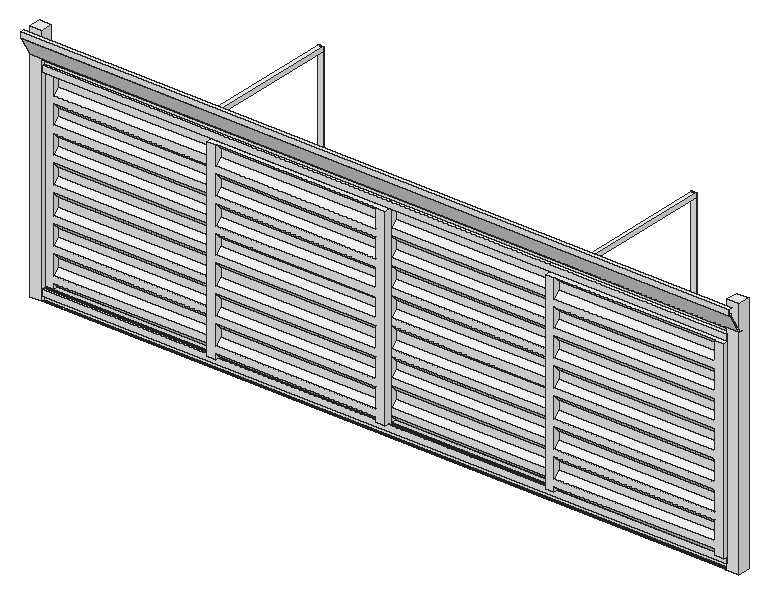
Revit family "Specialty_Equipment-Roof_Screen-Cityscapes-Envisor-bk1", category Specialty Equipment, Revit 2023
Family settings
  Round Connector Dimension = Use Diameter
  Part Type = Normal
  OmniClass Number = 23.40.10.14.14
  OmniClass Title = Manufactured Exterior Specialties
  Enable Cutting in Views = No
  Cut with Voids When Loaded = No
  Maintain Annotation Orientation = No
  Shared = No
  Room Calculation Point = No
Parameters (values of type "default use type catalog")
  URL = "https://cityscapesinc.com"
  Type Comments = "ACRYLICAP ABS INFILLS"  # constant formula
  Model = if(CD_Panel 7.2 Rib, "Envisor with 7.2 Rib Panels", if(CD_Panel Batten, "Envisor with Batten Panels", if(CD_Panel Brick, "Envisor with Brick Panels", if(CD_Panel Flat, "Envisor with Flat Panels", if(CD_Panel Horizontal Rib, "Envisor with Horizontal Panels", if(CD_Panel Louver, "Envisor with Louver Panels", if(CD_Panel Vertical Rib, "Envisor with Vertical Rib Panels", "Envisor System")))))))  # "Envisor with 7.2 Rib Panels"
  Manufacturer = "Cityscapes Incorporated"  # constant formula
  built-in parameter 1001306 [instance] = 188.000"
  Description = "Envisor Screening Systems"  # constant formula
  Default Elevation = 0.000"
  CD_Trim Style = Cityscapes-Trims : Alamo Trim
  CD_Trim Lineal Band = Cityscapes-Trims : Lineal Band Trim
  CD_Trim Height [instance] = if(CD_Trim Style = CD_Trim 2 Step, 5.500", if(CD_Trim Style = CD_Trim 3 Step, 8.000", if(CD_Trim Style = CD_Trim Alamo, 6.500", if(CD_Trim Style = CD_Trim Cove, 6.500", 0.000"))))  # 6.500"
  CD_Trim Cove = Cityscapes-Trims : Cove Trim
  CD_Trim Alamo = Cityscapes-Trims : Alamo Trim
  CD_Trim 3 Step = Cityscapes-Trims : 3 Step Trim
  CD_Trim 2 Step = Cityscapes-Trims : 2 Step Trim
  CD_Support Offset = 40.063"  # constant formula
  CD_Support Number Array [instance] = if(CD_Number of Supports > 2, CD_Number of Supports, 2)  # 2
  CD_Support Height = CD_Panel Height + 2.520"  # 54.520"
  CD_Right Trim Offset [instance] = if(and(CD_Right Corner, CD_Trim Style = CD_Trim 2 Step), 4.386", if(and(CD_Right Corner, CD_Trim Style = CD_Trim 3 Step), 5.136", if(and(CD_Right Corner, CD_Trim Style = CD_Trim Alamo), 6.101", if(and(CD_Right Corner, CD_Trim Style = CD_Trim Cove), 6.851", if(and(CD_Right Corner, CD_Trim Style = CD_Trim Lineal Band), 3.636", 2.950")))))  # 2.950"
  CD_Right Track Offset [instance] = if(CD_Right Corner, 3.000", 0.000")  # 0.000"
  CD_Right Post Offset [instance] = if(or(CD_Right Corner, CD_Left Corner), CD_Trim Height, 0.000")  # 0.000"
  CD_Right Post Base Offset [instance] = if(CD_Right Corner, 2.855", 0.000")  # 0.000"
  CD_Right Corner [instance] = no
  CD_Requested Length [instance] = [built-in parameter 1001306]  # 188.000"
  CD_Product Page URL = "https://cityscapesinc.com/products/envisor"
  CD_Product Documentation Link = "https://9415688.fs1.hubspotusercontent-na1.net/hubfs/9415688/Envisor-Brochure-web-20220428.pdf"
  CD_Panel Vertical Rib = no
  CD_Panel Louver = no
  CD_Panel Horizontal Rib = no
  CD_Panel Flat = no
  CD_Panel Brick = no
  CD_Panel Batten = no
  CD_Panel 7.2 Rib = yes
  CD_Panel Spacing [instance] = (((CD_Number of Panels * 45.000") - ((CD_Number of Panels - 1) * 3.000"))) / CD_Number of Panels  # 42.750"
  CD_Panel Height = if([18in Panel Height], 18.000", if([35in Panel Height], 35.000", if([52in Panel Height], 52.000", 70.000")))  # 52.000"
  CD_Odd Panel Single Vis [instance] = CD_Number of Odd Panels = 1  # no
  CD_Odd Panel Array Vis [instance] = CD_Number of Odd Panels > 1  # yes
  CD_Number of Supports [instance] = if(CD_Length < 135.000", 2, (CD_Length / 45.000") - 3)  # 1
  CD_Number of Panels [instance] = rounddown(CD_Requested Length / 45.000")  # 4
  CD_Number of Odd Panels [instance] = (CD_Number of Panels / 2)  # 2
  CD_Number of Even Panels [instance] = CD_Number of Panels - CD_Number of Odd Panels  # 2
  CD_Microsite = "https://www.caddetails.com/2907"
  CD_Length [instance] = (CD_Number of Panels * 45.000") - ((CD_Number of Panels - 1) * 3.000") + CD_Calc  # 173.250"
  CD_Left Trim Offset [instance] = if(and(CD_Left Corner, CD_Trim Style = CD_Trim 2 Step), 4.386", if(and(CD_Left Corner, CD_Trim Style = CD_Trim 3 Step), 5.136", if(and(CD_Left Corner, CD_Trim Style = CD_Trim Alamo), 6.101", if(and(CD_Left Corner, CD_Trim Style = CD_Trim Cove), 6.851", if(and(CD_Left Corner, CD_Trim Style = CD_Trim Lineal Band), 3.636", 2.950")))))  # 2.950"
  CD_Left Track Offset [instance] = if(CD_Left Corner, 3.000", 0.000")  # 0.000"
  CD_Left Post Offset [instance] = if(or(CD_Right Corner, CD_Left Corner), CD_Trim Height, 0.000")  # 0.000"
  CD_Left Post Base Offset [instance] = if(CD_Left Corner, 2.855", 0.000")  # 0.000"
  CD_Left Corner [instance] = no
  CD_Height [instance] = CD_Panel Height + CD_Trim Height + CD_Curb Height + 2.773"  # 73.273"
  CD_Finish Trim = Plastic-Cityscapes-ABS-Alabaster
  CD_Finish = Plastic-Cityscapes-ABS-Alabaster
  CD_Even Panel Single Vis [instance] = CD_Number of Even Panels = 1  # no
  CD_Even Panel Array Vis [instance] = CD_Number of Even Panels > 1  # yes
  CD_Depth = 3.60156"  # constant formula
  CD_Curb Height = 12.000"
  CD_Created By = "CADdetails Ltd. 2024"  # constant formula
  CD_Corner Brace Offset = CD_Curb Height + 0.125"  # 12.125"
  CD_Connection Point Visibility [instance] = yes
  CD_Calc [instance] = ((CD_Number of Panels - 1) * 3.000") / CD_Number of Panels  # 2.250"
  CD_Acutal Number of Odd Panels [instance] = if(CD_Number of Odd Panels > 1, CD_Number of Odd Panels, 2)  # 2
  CD_Acutal Number of Even Panels [instance] = if(CD_Number of Even Panels > 1, CD_Number of Even Panels, 2)  # 2
  Assembly Code = "E1010900"
  70in Panel Height = no
  52in Panel Height = not(or([35in Panel Height], [18in Panel Height], [70in Panel Height]))  # yes
  35in Panel Height = no
  18in Panel Height = no
Reference planes (in)
  plane 1 "Center (Front/Back)": y = 0
  plane 2 "Bottom": z = 0
  plane 3 "Left": x = 0
  plane 4 "Right": x = 188
  plane 5 "Back": y = 1.80078
  plane 6 "Front": y = -1.80078
  plane 7 "Top Sweep": z = 66.773
  plane 8 "Requested Length": x = 173.25
  plane 9 "Bottom Sweep": z = 12
  plane 10 "Top": z = 73.273
  plane 11 "Bottom Panel": z = 13.38504
  plane 12 "Top Panel": z = 65.38796
  plane 13: y = 1.46953
  plane 14: y = -0.63047
  plane 15: x = 42.75
  plane 16: x = 85.5
  plane 17: x = 128.25
  plane 18 "Top2": x = 173.25
  plane 19 "Top3": x = 0
  plane 20: x = 40.063
  plane 21: x = 133.187
  plane 22: y = -0.36386
  plane 23 "Top6": z = 12.12504
  plane 24 "Top12": x = 176.2
  plane 25 "Top13": x = -2.95
Forms (in)
  Sweep 1, solid, material "Plastic-Cityscapes-ABS-Alabaster" <- "CD_Finish"
    path origin (0, 0, 12) x (-1, 0, 0) y (0, -1, 0)
      loop
        line (0, 0) -> (-173.25, 0)
    profile origin (86.625, 0, 12) x (0, 1, 0) y (0, 0, 1)
      loop
        line (1.80078, 2.88504) -> (1.50129, 2.88504) -> (1.50129, 2.76027) -> (1.67578, 2.76027) -> (1.67578, 1.38504) -> (1.07578, 1.38504) -> (1.07578, 2.76027) -> (1.25027, 2.76027) -> (1.25027, 2.88504) -> (0.95078, 2.88504) -> (0.95078, 2.10004) -> (0.76328, 2.10004) -> (0.76328, 2.01004) -> (0.95078, 2.01004) -> (0.95078, 1.89004) -> (0.76328, 1.89004) -> (0.76328, 1.80004) -> (0.95078, 1.80004) -> (0.95078, 1.38504) -> (0.47579, 1.38504) -> (0.47579, 1.44753) -> (0.38579, 1.44753) -> (0.38579, 1.38504) -> (0.26581, 1.38504) -> (0.26581, 1.44753) -> (0.17581, 1.44753) -> (0.17581, 1.38504) -> (-0.29922, 1.38504) -> (-0.29922, 1.80004) -> (-0.11172, 1.80004) -> (-0.11172, 1.89004) -> (-0.29922, 1.89004) -> (-0.29922, 2.01004) -> (-0.11172, 2.01004) -> (-0.11172, 2.10004) -> (-0.29922, 2.10004) -> (-0.29922, 2.88504) -> (-0.5987, 2.88504) -> (-0.5987, 2.76027) -> (-0.42422, 2.76027) -> (-0.42422, 1.38504) -> (-1.02421, 1.38504) -> (-1.02421, 2.76027) -> (-0.84973, 2.76027) -> (-0.84973, 2.88504) -> (-1.14922, 2.88504) -> (-1.14922, 1.26004) -> (-0.48886, 1.26004) -> (-0.48886, 0.095) -> (-1.03586, 0.095) -> (-1.03586, 0.03937) -> (-1.09886, 0.03937) -> (-1.09886, 0) -> (-0.17511, 0) -> (-0.17511, -0.07) -> (-0.26886, -0.07) -> (-0.26886, -0.133) -> (-0.11211, -0.133) -> (-0.11211, 0) -> (0.76328, 0) -> (0.76328, 0.12504) -> (-0.36386, 0.12504) -> (-0.36386, 1.26004) -> (1.80078, 1.26004) -> (1.80078, 2.88504)
  Sweep 2, solid, material "Plastic-Cityscapes-ABS-Alabaster" <- "CD_Finish"
    path origin (0, 0, 66.773) x (-1, 0, 0) y (0, -1, 0)
      loop
        line (0, 0) -> (-173.25, 0)
    profile origin (86.625, 0, 66.773) x (0, 1, 0) y (0, 0, 1)
      loop
        line (1.80078, -2.88504) -> (1.80078, -1.26004) -> (-0.36386, -1.26004) -> (-0.36386, -0.12504) -> (0.76328, -0.12504) -> (0.76328, 0) -> (-0.11211, 0) -> (-0.11211, 0.133) -> (-0.26886, 0.133) -> (-0.26886, 0.07) -> (-0.17511, 0.07) -> (-0.17511, 0) -> (-1.09886, 0) -> (-1.09886, -0.03937) -> (-1.03586, -0.03937) -> (-1.03586, -0.095) -> (-0.48886, -0.095) -> (-0.48886, -1.26004) -> (-1.14922, -1.26004) -> (-1.14922, -2.88504) -> (-0.84973, -2.88504) -> (-0.84973, -2.76027) -> (-1.02421, -2.76027) -> (-1.02421, -1.38504) -> (-0.42422, -1.38504) -> (-0.42422, -2.76027) -> (-0.5987, -2.76027) -> (-0.5987, -2.88504) -> (-0.29922, -2.88504) -> (-0.29922, -2.10004) -> (-0.11172, -2.10004) -> (-0.11172, -2.01004) -> (-0.29922, -2.01004) -> (-0.29922, -1.89004) -> (-0.11172, -1.89004) -> (-0.11172, -1.80004) -> (-0.29922, -1.80004) -> (-0.29922, -1.38504) -> (0.17581, -1.38504) -> (0.17581, -1.44753) -> (0.26581, -1.44753) -> (0.26581, -1.38504) -> (0.38579, -1.38504) -> (0.38579, -1.44753) -> (0.47579, -1.44753) -> (0.47579, -1.38504) -> (0.95078, -1.38504) -> (0.95078, -1.80004) -> (0.76328, -1.80004) -> (0.76328, -1.89004) -> (0.95078, -1.89004) -> (0.95078, -2.01004) -> (0.76328, -2.01004) -> (0.76328, -2.10004) -> (0.95078, -2.10004) -> (0.95078, -2.88504) -> (1.25027, -2.88504) -> (1.25027, -2.76027) -> (1.07578, -2.76027) -> (1.07578, -1.38504) -> (1.67578, -1.38504) -> (1.67578, -2.76027) -> (1.50129, -2.76027) -> (1.50129, -2.88504) -> (1.80078, -2.88504)
  Extrusion 3, void
    sketch origin (0, 0, 0) x (1, 0, 0) y (0, 1, 0)
      loop
        line (0, 1.80078) -> (-5.12652, 1.80078) -> (-5.12652, -3.32574) -> (0, 1.80078)
      loop
        line (173.25, 1.80078) -> (178.37652, -3.32574) -> (178.37652, 1.80078) -> (173.25, 1.80078)
    from 0 to 74.93402
  Extrusion 4, solid, material "Plastic-Cityscapes-ABS-Alabaster" <- "CD_Finish"
    sketch origin (0, 0, 0) x (1, 0, 0) y (0, 1, 0)
      loop
        line (173.25, -1.14922) -> (176.2, -1.14922) -> (176.2, 1.80078) -> (173.25, 1.80078) -> (173.25, -1.14922)
    from 12 to 73.273
  Extrusion 5, solid, material "Plastic-Cityscapes-ABS-Alabaster" <- "CD_Finish"
    sketch origin (0, 0, 66.773) x (-1, 0, 0) y (0, -1, 0)
      loop
        line (0, 1.14922) -> (0, -1.80078) -> (2.95, -1.80078) -> (2.95, 1.14922) -> (0, 1.14922)
    from -54.773 to 6.5
Cuts and joins
  Extrusion 3 cuts Sweep 1
  Extrusion 3 cuts Sweep 2
Lines and regions (in)
  Masking region 1, visible <- "CD_Connection Point Visibility"
    outline origin (0, 0, 0) x (1, 0, 0) y (0, 1, 0)
      loop
        line (173.25, 1.80078) -> (175.67405, 6.17388) -> (170.82595, 6.17388) -> (173.25, 1.80078)
      loop
        line (0, 1.80078) -> (2.42405, 6.17388) -> (-2.42405, 6.17388) -> (0, 1.80078)
  reference lines
    curve 1: line (0, 0, 0) -> (188, 0, 0)
Dimensions and locks (in)
  "built-in parameter 1001306": plane 3 "Left" to plane 4 "Right"
  equal spacing: plane 6 "Front", plane 1 "Center (Front/Back)", plane 5 "Back"
  "CD_Depth": plane 6 "Front" to plane 5 "Back"
  "CD_Height": plane 10 "Top" to level
  "CD_Length": plane 3 "Left" to plane 8 "Requested Length"
  Sweep 1 sketch curve to Sweep 1 sketch curve to Sweep 1 sketch curve to Sweep 1 sketch curve to Sweep 1 sketch curve to Sweep 1 sketch curve to Sweep 1 sketch curve to Sweep 1 sketch curve to Sweep 1 sketch curve to Sweep 1 sketch curve to Sweep 1 sketch curve to Sweep 1 sketch curve to Sweep 1 sketch curve to Sweep 1 sketch curve to Sweep 1 sketch curve to profile plane to Sweep 1 sketch curve to Sweep 1 sketch curve to Sweep 1 sketch curve to Sweep 1 sketch curve to Sweep 1 sketch curve to Sweep 1 sketch curve to Sweep 1 sketch curve to Sweep 1 sketch curve to Sweep 1 sketch curve to Sweep 1 sketch curve to Sweep 1 sketch curve to Sweep 1 sketch curve to Sweep 1 sketch curve to Sweep 1 sketch curve to Sweep 1 sketch curve to Sweep 1 sketch curve to Sweep 1 sketch curve = 0.125" locked, 0.17449" locked, 0.25102" locked, 0.17449" locked, 0.125" locked, 0.000" locked, 0.000" locked, 0.1875" locked, 0.000" locked, 0.000" locked, 0.28749" locked, 0.090" locked, 0.11998" locked, 0.090" locked, 0.17581" locked, 0.11172" locked, 0.000" locked, 0.0004" locked, 0.063" locked, 0.09375" locked, 0.03035" locked, 0.000" locked, 0.000" locked, 0.06465" locked, 0.06035" locked, 0.06465" locked, 0.10984" locked, 0.25102" locked, 0.17449" locked, 0.01165" locked, 0.063" locked, 0.05036" locked
  Sweep 1 sketch curve to Sweep 1 sketch curve to Sweep 1 sketch curve to Sweep 1 sketch curve to Sweep 1 sketch curve to Sweep 1 sketch curve to Sweep 1 sketch curve to Sweep 1 sketch curve to Sweep 1 sketch curve to Sweep 1 sketch curve to Sweep 1 sketch curve to Sweep 1 sketch curve to Sweep 1 sketch curve to Sweep 1 sketch curve to Sweep 1 sketch curve to Sweep 1 sketch curve to Sweep 1 sketch curve to Sweep 1 sketch curve to Sweep 1 sketch curve to Sweep 1 sketch curve to Sweep 1 sketch curve to Sweep 1 sketch curve to Sweep 1 sketch curve to Sweep 1 sketch curve to Sweep 1 sketch curve to Sweep 1 sketch curve to Sweep 1 sketch curve to Sweep 1 sketch curve to profile plane to Sweep 1 sketch curve to Sweep 1 sketch curve to Sweep 1 sketch curve to Sweep 1 sketch curve = 0.000" locked, 0.000" locked, 0.000" locked, 0.12477" locked, 0.000" locked, 0.000" locked, 0.000" locked, 0.66023" locked, 0.000" locked, 0.090" locked, 0.000" locked, 0.120" locked, 0.000" locked, 0.090" locked, 0.000" locked, 0.35251" locked, 0.000" locked, 0.06249" locked, 0.000" locked, 0.000" locked, 0.000" locked, 0.000" locked, 0.125" locked, 0.000" locked, 1.135" locked, 0.03004" locked, 0.05563" locked, 0.03937" locked, 0.000" locked, 0.000" locked, 0.070" locked, 0.063" locked
  Sweep 2 sketch curve to Sweep 2 sketch curve to profile plane to Sweep 2 sketch curve to Sweep 2 sketch curve to Sweep 2 sketch curve to Sweep 2 sketch curve to Sweep 2 sketch curve to Sweep 2 sketch curve to Sweep 2 sketch curve to Sweep 2 sketch curve to Sweep 2 sketch curve to Sweep 2 sketch curve to Sweep 2 sketch curve to Sweep 2 sketch curve to Sweep 2 sketch curve to Sweep 2 sketch curve to Sweep 2 sketch curve to Sweep 2 sketch curve to Sweep 2 sketch curve to Sweep 2 sketch curve to Sweep 2 sketch curve to Sweep 2 sketch curve to Sweep 2 sketch curve to Sweep 2 sketch curve to Sweep 2 sketch curve to Sweep 2 sketch curve to Sweep 2 sketch curve to Sweep 2 sketch curve to Sweep 2 sketch curve to Sweep 2 sketch curve to Sweep 2 sketch curve to Sweep 2 sketch curve = 0.063" locked, 0.070", 0.000", 0.000" locked, 0.03937" locked, 0.05563" locked, 0.03004" locked, 1.135" locked, 0.000" locked, 0.125" locked, 0.000" locked, 0.000" locked, 0.000" locked, 0.000" locked, 0.06249" locked, 0.000" locked, 0.35251" locked, 0.000" locked, 0.090" locked, 0.000" locked, 0.120" locked, 0.000" locked, 0.090" locked, 0.000" locked, 0.66023" locked, 0.000" locked, 0.000" locked, 0.000" locked, 0.12477" locked, 0.000" locked, 0.000" locked, 0.000" locked
  Sweep 2 sketch curve to Sweep 2 sketch curve to Sweep 2 sketch curve to Sweep 2 sketch curve to Sweep 2 sketch curve to Sweep 2 sketch curve to Sweep 2 sketch curve to Sweep 2 sketch curve to Sweep 2 sketch curve to Sweep 2 sketch curve to Sweep 2 sketch curve to Sweep 2 sketch curve to Sweep 2 sketch curve to Sweep 2 sketch curve to Sweep 2 sketch curve to profile plane to Sweep 2 sketch curve to Sweep 2 sketch curve to Sweep 2 sketch curve to Sweep 2 sketch curve to Sweep 2 sketch curve to Sweep 2 sketch curve to Sweep 2 sketch curve to Sweep 2 sketch curve to Sweep 2 sketch curve to Sweep 2 sketch curve to Sweep 2 sketch curve to Sweep 2 sketch curve to Sweep 2 sketch curve to Sweep 2 sketch curve to Sweep 2 sketch curve to Sweep 2 sketch curve to Sweep 2 sketch curve = 0.125" locked, 0.17449" locked, 0.25102" locked, 0.17449" locked, 0.125" locked, 0.000" locked, 0.000" locked, 0.1875" locked, 0.000" locked, 0.000" locked, 0.28749" locked, 0.090" locked, 0.11998" locked, 0.090" locked, 0.17581" locked, 0.11172" locked, 0.000" locked, 0.0004" locked, 0.063" locked, 0.09375" locked, 0.03035" locked, 0.000" locked, 0.000" locked, 0.06465" locked, 0.06035" locked, 0.06465" locked, 0.10984" locked, 0.25102" locked, 0.17449" locked, 0.01165" locked, 0.063" locked, 0.05036" locked
  level to plane 9 "Bottom Sweep" = 12.000"
  "CD_Trim Height": plane 10 "Top" to plane 7 "Top Sweep"
  "CD_Curb Height": plane 9 "Bottom Sweep" to level
  locked: plane 11 "Bottom Panel" to plane 9 "Bottom Sweep" at 1.38504
  locked: plane 7 "Top Sweep" to plane 12 "Top Panel" at 1.38504
  group 1 to group 2 = 85.500"
  group 1 to group 2 = 0.000"  (x2)
  group 3 to group 4 = 85.500"
  group 3 to group 4 = 0.000"  (x2)
  "CD_Panel Spacing": plane 3 "Left" to plane 15
  "CD_Panel Spacing": plane 15 to plane 16
  "CD_Panel Spacing": plane 16 to plane 17
  "CD_Left Track Offset": plane 19 "Top3" to plane 3 "Left"
  "CD_Right Track Offset": plane 8 "Requested Length" to plane 18 "Top2"
  Extrusion 3 sketch curve to plane 3 "Left" to Extrusion 3 sketch curve = 5.12652" locked, 0.000" locked
  locked: Extrusion 3 sketch curve to plane 5 "Back" at 5.12652  (x2)
  plane 8 "Requested Length" to Extrusion 3 sketch curve to Extrusion 3 sketch curve = 0.000" locked, 5.12652" locked
  locked: Extrusion 3 to plane 10 "Top" at 1.66102
  "CD_Right Post Base Offset": Extrusion 4 to plane 9 "Bottom Sweep"
  "CD_Right Post Offset": plane 10 "Top" to Extrusion 4
  locked: plane 8 "Requested Length" to Extrusion 4 sketch curve at 2.95
  locked: Extrusion 4 sketch curve to plane 5 "Back" at 2.95
  group 5 to group 6 = 94.249"
  group 5 to group 6 = 0.000"  (x2)
  locked: plane 1 "Center (Front/Back)" to plane 22 at 0.36386
  locked: plane 9 "Bottom Sweep" to plane 23 "Top6" at 0.12504
  "CD_Support Offset": plane 21 to plane 18 "Top2"
  "CD_Support Offset": plane 19 "Top3" to plane 20
  nested 8 to plane 18 "Top2" = 40.063"
  locked: nested 9 to plane 13 at 0.39654
  locked: plane 8 "Requested Length" to nested 9 at 0.61084
  nested 10 to plane 13 = 36.23459"
  nested 10 to plane 3 "Left" = 36.8182"
  locked: plane 5 "Back" to nested 10 at 0.06529
  locked: nested 10 to plane 3 "Left" at 0.59765
  Masking region 1 sketch curve to plane 8 "Requested Length" to Masking region 1 sketch curve to Masking region 1 sketch curve = 2.42405" locked, 0.000" locked, 2.42405" locked
  Masking region 1 sketch curve to Masking region 1 sketch curve to plane 14 = 4.3731" locked, 2.43125" locked  (x2)
  Masking region 1 sketch curve to plane 3 "Left" to Masking region 1 sketch curve to Masking region 1 sketch curve = 2.42405" locked, 0.000" locked, 2.42405" locked
  locked: Extrusion 5 sketch curve to plane 5 "Back" at 2.95
  locked: Extrusion 5 sketch curve to plane 3 "Left" at 2.95
  "CD_Left Post Offset": plane 10 "Top" to Extrusion 5
  "CD_Left Post Base Offset": Extrusion 5 to plane 9 "Bottom Sweep"
  locked: plane 1 "Center (Front/Back)" to nested 11 at 0.17511
  "CD_Right Trim Offset": plane 8 "Requested Length" to plane 24 "Top12"
  "CD_Left Trim Offset": plane 25 "Top13" to plane 3 "Left"
  locked: plane 7 "Top Sweep" to nested 9 at 0.12796
  aligned and locked: plane 4 "Right" to curve 1
  aligned and locked: plane 1 "Center (Front/Back)" to curve 1
  aligned and locked: plane 3 "Left" to curve 1
  aligned and locked: level to plane 2 "Bottom"
  aligned and locked: plane 1 "Center (Front/Back)" to Sweep 2 sketch curve
  aligned and locked: plane 1 "Center (Front/Back)" to Sweep 1 sketch curve
  aligned and locked: nested 2 to plane 11 "Bottom Panel"
  aligned and locked: nested 1 to plane 11 "Bottom Panel"
  aligned and locked: nested 1 to plane 13
  aligned and locked: nested 3 to plane 13
  aligned and locked: nested 5 to plane 13
  aligned and locked: nested 2 to plane 14
  aligned and locked: nested 4 to plane 14
  aligned and locked: nested 6 to plane 14
  aligned and locked: plane 3 "Left" to nested 3
  aligned and locked: plane 15 to nested 2
  aligned and locked: plane 16 to nested 5
  aligned and locked: nested 4 to plane 15
  aligned and locked: nested 6 to plane 17
  aligned and locked: plane 3 "Left" to nested 1
  aligned and locked: plane 19 "Top3" to Sweep 2 sketch curve
  aligned and locked: plane 18 "Top2" to Sweep 2 sketch curve
  aligned and locked: plane 19 "Top3" to Sweep 1 sketch curve
  aligned and locked: plane 18 "Top2" to Sweep 1 sketch curve
  aligned and locked: plane 5 "Back" to Extrusion 3 sketch curve
  aligned and locked: Extrusion 3 sketch curve to plane 5 "Back"
  aligned and locked: Extrusion 3 to level
  aligned and locked: Extrusion 4 sketch curve to plane 8 "Requested Length"
  aligned and locked: plane 5 "Back" to Extrusion 4 sketch curve
  aligned and locked: nested 7 to plane 20
  aligned and locked: nested 7 to plane 23 "Top6"
  aligned and locked: nested 8 to plane 23 "Top6"
  aligned and locked: nested 8 to plane 21
  aligned and locked: nested 7 to plane 14
  aligned and locked: nested 8 to plane 14
  aligned and locked: Extrusion 5 sketch curve to plane 3 "Left"
  aligned and locked: Extrusion 5 sketch curve to plane 5 "Back"
  aligned and locked: plane 24 "Top12" to nested 11
  aligned and locked: plane 25 "Top13" to nested 11
  aligned and locked: plane 7 "Top Sweep" to cut or joined group of Sweep 2, Extrusion 3
  aligned and locked: nested 4 to plane 11 "Bottom Panel"
  aligned and locked: nested 6 to plane 11 "Bottom Panel"
  aligned and locked: nested 3 to plane 11 "Bottom Panel"
  aligned and locked: nested 5 to plane 11 "Bottom Panel"
Nested families (in)
  nested 1: "Nested-Cityscapes-Panel-ABS" at (22.5, 0.59453, 13.38504), visible <- "CD_Odd Panel Single Vis", type "Panel"
    with CD_Height 52.000"
  nested 2: "Nested-Cityscapes-Panel-ABS" at (65.25, -1.50547, 13.38504), visible <- "CD_Even Panel Single Vis", type "Panel"
    with CD_Height 52.000"
  nested 3: "Nested-Cityscapes-Panel-ABS" at (22.5, 0.59453, 13.38504), visible <- "CD_Odd Panel Array Vis", type "Panel"
    with CD_Height 52.000"
  nested 4: "Nested-Cityscapes-Panel-ABS" at (65.25, -1.50547, 13.38504), visible <- "CD_Even Panel Array Vis", type "Panel"
    with CD_Height 52.000"
  nested 5: "Nested-Cityscapes-Panel-ABS" at (108, 0.59453, 13.38504), visible <- "CD_Odd Panel Array Vis", type "Panel"
    with CD_Height 52.000"
  nested 6: "Nested-Cityscapes-Panel-ABS" at (150.75, -1.50547, 13.38504), visible <- "CD_Even Panel Array Vis", type "Panel"
    with CD_Height 52.000"
  nested 7: "Nested-Cityscapes-Support" at (39.5005, 18.46053, 12.12504), type "Support"
    with CD_Height 54.520"
  nested 8: "Nested-Cityscapes-Support" at (133.7495, 18.46053, 12.12504), type "Support"
    with CD_Height 54.520"
  nested 9: "Nested-Cityscapes-Support_Corner" at (155.15291, 20.02334, 12.12504) x (0.7071, -0.7071, 0) z (0, 0, 1), visible <- "CD_Right Corner", built-in parameter 1001364 <- "CD_Corner Brace Offset", type "Support"
    with CD_Height 54.520", CD_Depth 51.789"
  nested 10: "Nested-Cityscapes-Support_Corner" at (18.11028, 20.01014, 12.125) x (0.7071, 0.7071, 0) z (0, 0, 1), visible <- "CD_Left Corner", built-in parameter 1001364 <- "CD_Corner Brace Offset", type "Support"
    with CD_Height 54.520", CD_Depth 51.789"
  nested 11: "Cityscapes-Trims" at (-2.95, -0.17511, 66.773), type <- "CD_Trim Style", type "Alamo Trim"
    with built-in parameter 1001306 179.150"
Definition of nested family "Nested-Cityscapes-Panel-ABS"
  Parameters (values of type "7.2 Rib")
    URL = "https://cityscapesinc.com"
    Type Comments = "For use with Envisor Models Only"  # constant formula
    Model = "Envisor ABS Panels"  # constant formula
    Manufacturer = "Cintyscapes Incorporated"  # constant formula
    Description = "General Description of Product"  # constant formula
    Default Elevation = 0.000"
    CD_Width = 45.000"
    CD_Vertical Rib Offset = if(CD_Vertical Rib, 0.000", 6.000")  # 6.000"
    CD_Vertical Rib = no
    CD_Side Void Offset = 2.250"
    CD_Offset Side = 0.000"
    CD_Offset Top and Bottom = 1.750"
    CD_Louver Offset = if(CD_Louver, 0.000", 6.000")  # 6.000"
    CD_Louver = no
    CD_Horizontal Rib Offset = if(CD_Horizontal Rib, 0.000", 6.000")  # 6.000"
    CD_Horizontal Rib = no
    CD_Height = 35.000"
    CD_Flat Pan = no
    CD_Finish = none
    CD_Depth = 1.750"
    CD_Brick = no
    CD_Batten Offset = if(CD_Batten, 0.000", 6.000")  # 6.000"
    CD_Batten = no
    CD_7.2 Rib = yes
    CD_7.2 Horizontal Offset = if(CD_7.2 Rib, 0.000", 6.000")  # 0.000"
    Assembly Code = ""
  Types (7): name | CD_Side Void Offset | CD_Offset Side | CD_Louver Offset | CD_Louver | CD_Horizontal Rib Offset | CD_Horizontal Rib | CD_Flat Pan | CD_Brick | CD_Batten Offset | CD_Batten | CD_7.2 Rib | CD_7.2 Horizontal Offset
    7.2 Rib | 2.250" | 0.000" | 6.000" | no | 6.000" | no | no | no | 6.000" | no | yes | 0.000"
    Batten | 2.250" | 0.000" | 6.000" | no | 6.000" | no | no | no | 0.000" | yes | no | 6.000"
    Horizontal Rib | 2.250" | 0.000" | 6.000" | no | 0.000" | yes | no | no | 6.000" | no | no | 6.000"
    Lover | 2.250" | 0.000" | 0.000" | yes | 6.000" | no | no | no | 6.000" | no | no | 6.000"
    Vertical Rib | 1.500" | 0.750" | 0.000" | yes | 6.000" | no | no | no | 6.000" | no | no | 6.000"
    Brick | 2.250" | 0.000" | 6.000" | no | 6.000" | no | no | yes | 6.000" | no | no | 6.000"
    Flat Pan | 2.250" | 0.000" | 6.000" | no | 6.000" | no | yes | no | 6.000" | no | no | 6.000"
  Reference planes (in)
    plane 1 "Center (Front/Back)": y = 0
    plane 2 "Bottom": z = 0
    plane 3 "Center (Left/Right)": x = 0
    plane 4 "Top": z = 35
    plane 5 "Left": x = -22.5
    plane 6 "Right": x = 22.5
    plane 7 "Back": y = 0.875
    plane 8 "Front": y = -0.875
    plane 9: z = 33.25
    plane 10: x = -22.5
    plane 11: x = 22.5
    plane 12 "Horizontal Rib": y = -6.875
    plane 13 "7.2 Horizontal": y = -0.875
    plane 14 "Vertical Rib": y = -6.875
    plane 15 "Battens": y = -6.875
    plane 16 "Louver": y = -6.875
    plane 17: z = -3.48401
    plane 18: z = 1.75
    plane 19: x = -20.25
    plane 20: x = 20.25
  Forms (in)
    Extrusion 1, solid, material <- "CD_Finish"
      sketch origin (0, -9.9383, 0) x (0, 1, 0) y (0, 0, 1)
        loop
          line (10.8133, 35) -> (9.0633, 35) -> (9.0633, 0) -> (10.8133, 0) -> (10.8133, 35)
      from -22.5 to 22.5
    Extrusion 2, void
      sketch origin (0, -57.21126, 0.03125) x (0, 1, 0) y (0, 0, 1)
        loop
          line (50.33626, 72.32946) -> (48.40965, 72.32946) -> (48.40965, -3.51526) -> (51.75047, -3.51526) -> (51.75047, 1.78015) -> (50.33626, 1.92879) -> (50.33626, 2.42879) -> (51.75047, 3.843) -> (51.75047, 4.90515) -> (50.33626, 5.05379) -> (50.33626, 5.55379) -> (51.75047, 6.968) -> (51.75047, 7.83813) -> (50.33626, 7.98677) -> (50.33626, 8.48677) -> (51.75047, 9.90098) -> (51.75047, 10.77112) -> (50.33626, 10.91976) -> (50.33626, 11.41976) -> (51.75047, 12.83397) -> (51.75047, 13.7041) -> (50.33626, 13.85274) -> (50.33626, 14.35274) -> (51.75047, 15.76696) -> (51.75047, 16.63709) -> (50.33626, 16.78573) -> (50.33626, 17.28573) -> (51.75047, 18.69994) -> (51.75047, 19.57007) -> (50.33626, 19.71871) -> (50.33626, 20.21871) -> (51.75047, 21.63293) -> (51.75047, 22.50306) -> (50.33626, 22.6517) -> (50.33626, 23.1517) -> (51.75047, 24.56591) -> (51.75047, 25.43604) -> (50.33626, 25.58468) -> (50.33626, 26.08468) -> (51.75047, 27.4989) -> (51.75047, 28.36903) -> (50.33626, 28.51767) -> (50.33626, 29.01767) -> (51.75047, 30.43188) -> (51.75047, 31.30201) -> (50.33626, 31.45065) -> (50.33626, 31.95065) -> (51.75047, 33.36487) -> (51.75047, 34.235) -> (50.33626, 34.38364) -> (50.33626, 34.88364) -> (51.75047, 36.29785) -> (51.75047, 37.16798) -> (50.33626, 37.31662) -> (50.33626, 37.81662) -> (51.75047, 39.23084) -> (51.75047, 40.10097) -> (50.33626, 40.24961) -> (50.33626, 40.74961) -> (51.75047, 42.16382) -> (51.75047, 43.03395) -> (50.33626, 43.18259) -> (50.33626, 43.68259) -> (51.75047, 45.09681) -> (51.75047, 45.96694) -> (50.33626, 46.11558) -> (50.33626, 46.61558) -> (51.75047, 48.02979) -> (51.75047, 48.89992) -> (50.33626, 49.04856) -> (50.33626, 49.54856) -> (51.75047, 50.96278) -> (51.75047, 51.83291) -> (50.33626, 51.98155) -> (50.33626, 52.48155) -> (51.75047, 53.89576) -> (51.75047, 54.76589) -> (50.33626, 54.91453) -> (50.33626, 55.41453) -> (51.75047, 56.82875) -> (51.75047, 57.69888) -> (50.33626, 57.84752) -> (50.33626, 58.34752) -> (51.75047, 59.76173) -> (51.75047, 60.63186) -> (50.33626, 60.7805) -> (50.33626, 61.2805) -> (51.75047, 62.69472) -> (51.75047, 63.56485) -> (50.33626, 63.71349) -> (50.33626, 64.21349) -> (51.75047, 65.6277) -> (51.75047, 66.49783) -> (50.33626, 66.64647) -> (50.33626, 67.14647) -> (51.75047, 68.56069) -> (51.75047, 69.43082) -> (50.33626, 69.57946) -> (50.33626, 72.32946)
      from -20.25 to 20.25
    Extrusion 3, void
      sketch origin (0, -20.25, 0) x (0, 1, 0) y (0, 0, 1)
        loop
          line (14.94839, 29.51748) -> (13.375, 29.93907) -> (13.375, 32.56554) -> (14.94839, 32.98713) -> (14.94839, 35.01748) -> (13.375, 35.43907) -> (13.375, 38.06554) -> (14.94839, 38.48713) -> (14.94839, 40.51748) -> (13.375, 40.93907) -> (13.375, 43.56554) -> (14.94839, 43.98713) -> (14.94839, 46.01748) -> (13.375, 46.43907) -> (13.375, 49.06554) -> (14.94839, 49.48713) -> (14.94839, 51.51748) -> (13.375, 51.93907) -> (13.375, 54.56554) -> (14.94839, 54.98713) -> (14.94839, 57.01748) -> (13.375, 57.43907) -> (13.375, 60.06554) -> (14.94839, 60.48713) -> (14.94839, 62.51748) -> (13.375, 62.93907) -> (13.375, 65.56554) -> (14.94839, 65.98713) -> (14.94839, 68.01748) -> (13.375, 68.43907) -> (13.375, 70) -> (14.94839, 70.42159) -> (14.94839, 72.45194) -> (13.375, 72.87353) -> (13.375, 74.43446) -> (14.94839, 74.85605) -> (14.94839, 76.8864) -> (13.375, 77.30799) -> (13.375, 80.30799) -> (11.44839, 80.30799) -> (11.44839, -3.48401) -> (14.94839, -3.48401) -> (14.94839, 2.01748) -> (13.375, 2.43907) -> (13.375, 5.06554) -> (14.94839, 5.48713) -> (14.94839, 7.51748) -> (13.375, 7.93907) -> (13.375, 10.56554) -> (14.94839, 10.98713) -> (14.94839, 13.01748) -> (13.375, 13.43907) -> (13.375, 16.06554) -> (14.94839, 16.48713) -> (14.94839, 18.51748) -> (13.375, 18.93907) -> (13.375, 21.56554) -> (14.94839, 21.98713) -> (14.94839, 24.01748) -> (13.375, 24.43907) -> (13.375, 27.06554) -> (14.94839, 27.48713) -> (14.94839, 29.51748)
      from -20.25 to 20.25
    Extrusion 4, void
      sketch origin (0, -31.2985, 0) x (0, 1, 0) y (0, 0, 1)
        loop
          line (31.83772, 74.01585) -> (28.75976, 74.01585) -> (28.75976, -3.48401) -> (31.72824, -3.48401) -> (31.72824, 1.62146) -> (30.4235, 3.02062) -> (30.4235, 4.85164) -> (31.83772, 6.26585) -> (31.83772, 8.25406) -> (30.4235, 9.77062) -> (30.4235, 11.60164) -> (31.83772, 13.01585) -> (31.83772, 15.00406) -> (30.4235, 16.52062) -> (30.4235, 18.35164) -> (31.83772, 19.76585) -> (31.83772, 22.00406) -> (30.4235, 23.52062) -> (30.4235, 25.35164) -> (31.83772, 26.76585) -> (31.83772, 28.75406) -> (30.4235, 30.27062) -> (30.4235, 32.10164) -> (31.83772, 33.51585) -> (31.83772, 35.50406) -> (30.4235, 37.02062) -> (30.4235, 38.85164) -> (31.83772, 40.26585) -> (31.83772, 42.25406) -> (30.4235, 43.77062) -> (30.4235, 45.60164) -> (31.83772, 47.01585) -> (31.83772, 49.00406) -> (30.4235, 50.52062) -> (30.4235, 52.35164) -> (31.83772, 53.76585) -> (31.83772, 55.75406) -> (30.4235, 57.27062) -> (30.4235, 59.10164) -> (31.83772, 60.51585) -> (31.83772, 62.50406) -> (30.4235, 64.02062) -> (30.4235, 65.85164) -> (31.83772, 67.26585) -> (31.83772, 69.25406) -> (30.4235, 70.77062) -> (30.4235, 72.60164) -> (31.83772, 74.01585)
      from -20.25 to 20.25
    Extrusion 5, void
      sketch origin (25.5, -4.5, 18.75) x (0, 1, 0) y (-1, 0, 0)
        loop
          line (-0.8069, 29.51748) -> (-2.375, 29.93765) -> (-2.375, 32.56696) -> (-0.8069, 32.98713) -> (-0.8069, 35.01748) -> (-2.375, 35.43765) -> (-2.375, 38.06696) -> (-0.8069, 38.48713) -> (-0.8069, 40.51748) -> (-2.375, 40.93765) -> (-2.375, 43.56696) -> (-0.8069, 43.98713) -> (-0.8069, 46.01748) -> (-2.375, 46.43765) -> (-2.375, 48) -> (-4.3069, 48) -> (-4.3069, 3) -> (-2.375, 3) -> (-2.375, 5.06696) -> (-0.8069, 5.48713) -> (-0.8069, 7.51748) -> (-2.375, 7.93765) -> (-2.375, 10.56696) -> (-0.8069, 10.98713) -> (-0.8069, 13.01748) -> (-2.375, 13.43765) -> (-2.375, 16.06696) -> (-0.8069, 16.48713) -> (-0.8069, 18.51748) -> (-2.375, 18.93765) -> (-2.375, 21.56696) -> (-0.8069, 21.98713) -> (-0.8069, 24.01748) -> (-2.375, 24.43765) -> (-2.375, 27.06696) -> (-0.8069, 27.48713) -> (-0.8069, 29.51748)
      from -18.75 to 16.25
    Extrusion 6, void
      sketch origin (25.5, -13.75, 18.75) x (0, 1, 0) y (-1, 0, 0)
        loop
          line (6.875, 48) -> (4.9431, 48) -> (4.9431, 3) -> (6.875, 3) -> (6.875, 4.25) -> (8.4431, 4.25) -> (8.4431, 13.75) -> (6.875, 13.75) -> (6.875, 15.25) -> (8.4431, 15.25) -> (8.4431, 24.75) -> (6.875, 24.75) -> (6.875, 26.25) -> (8.4431, 26.25) -> (8.4431, 35.5) -> (6.875, 35.5) -> (6.875, 37) -> (8.4431, 37) -> (8.4431, 46.75) -> (6.875, 46.75) -> (6.875, 48)
      from -17 to 14.5
    Extrusion 7, void
      sketch origin (0, -2.25, 0) x (0, 1, 0) y (0, 0, 1)
        loop
          line (2.9431, 33.25) -> (2.9431, 35.125) -> (1.375, 35.125) -> (1.375, 33.25) -> (2.9431, 33.25)
        loop
          line (2.9431, 1.75) -> (1.375, 1.75) -> (1.375, -0.125) -> (2.9431, -0.125) -> (2.9431, 1.75)
      from -22.5 to 22.5
    Extrusion 8, void
      sketch origin (0, 0, 0) x (1, 0, 0) y (0, 1, 0)
        loop
          line (-22.625, -0.875) -> (-22.5, -0.875) -> (-22.5, 0.6931) -> (-22.625, 0.6931) -> (-22.625, -0.875)
        loop
          line (22.625, -0.875) -> (22.625, 0.6931) -> (22.5, 0.6931) -> (22.5, -0.875) -> (22.625, -0.875)
      from 0 to 35
  Cuts and joins
    Extrusion 2, Extrusion 3, Extrusion 4, Extrusion 5, Extrusion 6, Extrusion 7, Extrusion 8 cuts Extrusion 1
  Dimensions and locks (in)
    "CD_Height": plane 4 "Top" to plane 2 "Bottom"
    equal spacing: plane 5 "Left", plane 3 "Center (Left/Right)", plane 6 "Right"
    "CD_Width": plane 5 "Left" to plane 6 "Right"
    equal spacing: plane 8 "Front", plane 1 "Center (Front/Back)", plane 7 "Back"
    "CD_Depth": plane 8 "Front" to plane 7 "Back"
    "CD_Horizontal Rib Offset": plane 8 "Front" to plane 12 "Horizontal Rib"
    Extrusion 3 sketch curve to Extrusion 3 sketch curve to Extrusion 3 sketch curve to Extrusion 3 sketch curve to Extrusion 3 sketch curve to Extrusion 3 sketch curve to Extrusion 3 sketch curve to Extrusion 3 sketch curve to Extrusion 3 sketch curve to Extrusion 3 sketch curve to Extrusion 3 sketch curve to Extrusion 3 sketch curve to Extrusion 3 sketch curve to Extrusion 3 sketch curve to Extrusion 3 sketch curve to plane 12 "Horizontal Rib" to Extrusion 3 sketch curve to Extrusion 3 sketch curve to Extrusion 3 sketch curve to Extrusion 3 sketch curve to Extrusion 3 sketch curve to Extrusion 3 sketch curve to Extrusion 3 sketch curve to Extrusion 3 sketch curve to Extrusion 3 sketch curve to Extrusion 3 sketch curve to Extrusion 3 sketch curve to Extrusion 3 sketch curve to Extrusion 3 sketch curve to Extrusion 3 sketch curve to Extrusion 3 sketch curve to Extrusion 3 sketch curve = 0.000" locked, 0.000" locked, 0.000" locked, 0.000" locked, 0.000" locked, 0.000" locked, 0.000" locked, 0.000" locked, 0.000" locked, 0.000" locked, 0.000" locked, 0.000" locked, 0.000" locked, 0.000" locked, 1.57339" locked, 0.000" locked, 0.000" locked, 0.000" locked, 0.000" locked, 0.000" locked, 0.000" locked, 0.000" locked, 0.000" locked, 0.000" locked, 0.000" locked, 0.000" locked, 0.000" locked, 0.000" locked, 0.000" locked, 0.000" locked, 1.92661" locked
    Extrusion 3 sketch curve to Extrusion 3 sketch curve to Extrusion 3 sketch curve to Extrusion 3 sketch curve to Extrusion 3 sketch curve to Extrusion 3 sketch curve to Extrusion 3 sketch curve to Extrusion 3 sketch curve to Extrusion 3 sketch curve to Extrusion 3 sketch curve to Extrusion 3 sketch curve to Extrusion 3 sketch curve to Extrusion 3 sketch curve to Extrusion 3 sketch curve to Extrusion 3 sketch curve to Extrusion 3 sketch curve to Extrusion 3 sketch curve to Extrusion 3 sketch curve to Extrusion 3 sketch curve to Extrusion 3 sketch curve to Extrusion 3 sketch curve to Extrusion 3 sketch curve to Extrusion 3 sketch curve to Extrusion 3 sketch curve to Extrusion 3 sketch curve to Extrusion 3 sketch curve to Extrusion 3 sketch curve to Extrusion 3 sketch curve to Extrusion 3 sketch curve to Extrusion 3 sketch curve to Extrusion 3 sketch curve to Extrusion 3 sketch curve to Extrusion 3 sketch curve to Extrusion 3 sketch curve to Extrusion 3 sketch curve to Extrusion 3 sketch curve to Extrusion 3 sketch curve to Extrusion 3 sketch curve to Extrusion 3 sketch curve to Extrusion 3 sketch curve to Extrusion 3 sketch curve to Extrusion 3 sketch curve to Extrusion 3 sketch curve to Extrusion 3 sketch curve to Extrusion 3 sketch curve to Extrusion 3 sketch curve to Extrusion 3 sketch curve to Extrusion 3 sketch curve to Extrusion 3 sketch curve to Extrusion 3 sketch curve to Extrusion 3 sketch curve to Extrusion 3 sketch curve to Extrusion 3 sketch curve to Extrusion 3 sketch curve to Extrusion 3 sketch curve to Extrusion 3 sketch curve to Extrusion 3 sketch curve to Extrusion 3 sketch curve to Extrusion 3 sketch curve to plane 17 = 3.000" locked, 0.42159" locked, 2.03035" locked, 0.42159" locked, 1.56093" locked, 0.42159" locked, 2.03035" locked, 0.42159" locked, 1.56093" locked, 0.42159" locked, 2.03035" locked, 0.42159" locked, 2.62647" locked, 0.42159" locked, 2.03035" locked, 0.42159" locked, 2.62647" locked, 0.42159" locked, 2.03035" locked, 0.42159" locked, 2.62647" locked, 0.42159" locked, 2.03035" locked, 0.42159" locked, 2.62647" locked, 0.42159" locked, 2.03035" locked, 0.42159" locked, 2.62647" locked, 0.42159" locked, 2.03035" locked, 0.42159" locked, 2.62647" locked, 0.42159" locked, 2.03035" locked, 0.42159" locked, 2.62647" locked, 0.42159" locked, 2.03035" locked, 0.42159" locked, 2.62647" locked, 0.42159" locked, 2.03035" locked, 0.42159" locked, 2.62647" locked, 0.42159" locked, 2.03035" locked, 0.42159" locked, 2.62647" locked, 0.42159" locked, 2.03035" locked, 0.42159" locked, 2.62647" locked, 0.42159" locked, 2.03035" locked, 0.42159" locked, 2.62647" locked, 0.42159" locked, 5.50149" locked
    Extrusion 4 sketch curve to Extrusion 4 sketch curve to Extrusion 4 sketch curve to Extrusion 4 sketch curve to Extrusion 4 sketch curve to Extrusion 4 sketch curve to Extrusion 4 sketch curve to Extrusion 4 sketch curve to Extrusion 4 sketch curve to Extrusion 4 sketch curve to Extrusion 4 sketch curve to Extrusion 4 sketch curve to Extrusion 4 sketch curve to Extrusion 4 sketch curve to Extrusion 4 sketch curve to Extrusion 4 sketch curve to Extrusion 4 sketch curve to Extrusion 4 sketch curve to Extrusion 4 sketch curve to Extrusion 4 sketch curve to Extrusion 4 sketch curve to Extrusion 4 sketch curve to Extrusion 4 sketch curve to Extrusion 4 sketch curve to Extrusion 4 sketch curve to Extrusion 4 sketch curve to Extrusion 4 sketch curve to Extrusion 4 sketch curve to Extrusion 4 sketch curve to Extrusion 4 sketch curve to Extrusion 4 sketch curve to Extrusion 4 sketch curve to Extrusion 4 sketch curve to Extrusion 4 sketch curve to Extrusion 4 sketch curve to Extrusion 4 sketch curve to Extrusion 4 sketch curve to Extrusion 4 sketch curve to Extrusion 4 sketch curve to Extrusion 4 sketch curve to Extrusion 4 sketch curve to Extrusion 4 sketch curve to Extrusion 4 sketch curve to Extrusion 4 sketch curve to plane 17 = 1.41421" locked, 1.83102" locked, 1.51656" locked, 1.98821" locked, 1.41421" locked, 1.83102" locked, 1.51656" locked, 1.98821" locked, 1.41421" locked, 1.83102" locked, 1.51656" locked, 1.98821" locked, 1.41421" locked, 1.83102" locked, 1.51656" locked, 1.98821" locked, 1.41421" locked, 1.83102" locked, 1.51656" locked, 1.98821" locked, 1.41421" locked, 1.83102" locked, 1.51656" locked, 1.98821" locked, 1.41421" locked, 1.83102" locked, 1.51656" locked, 1.98821" locked, 1.41421" locked, 1.83102" locked, 1.51656" locked, 2.23821" locked, 1.41421" locked, 1.83102" locked, 1.51656" locked, 1.98821" locked, 1.41421" locked, 1.83102" locked, 1.51656" locked, 1.98821" locked, 1.41421" locked, 1.83102" locked, 1.39916" locked, 5.10546" locked
    Extrusion 4 sketch curve to Extrusion 4 sketch curve to Extrusion 4 sketch curve to Extrusion 4 sketch curve to Extrusion 4 sketch curve to Extrusion 4 sketch curve to Extrusion 4 sketch curve to Extrusion 4 sketch curve to Extrusion 4 sketch curve to Extrusion 4 sketch curve to Extrusion 4 sketch curve to Extrusion 4 sketch curve to plane 13 "7.2 Horizontal" to Extrusion 4 sketch curve to Extrusion 4 sketch curve to Extrusion 4 sketch curve to Extrusion 4 sketch curve to Extrusion 4 sketch curve to Extrusion 4 sketch curve to Extrusion 4 sketch curve to Extrusion 4 sketch curve to Extrusion 4 sketch curve to Extrusion 4 sketch curve to Extrusion 4 sketch curve to Extrusion 4 sketch curve = 0.000" locked, 0.000" locked, 0.000" locked, 0.000" locked, 0.000" locked, 0.000" locked, 0.000" locked, 0.000" locked, 0.000" locked, 0.000" locked, 0.10948" locked, 1.30474" locked, 0.000" locked, 0.000" locked, 0.000" locked, 0.000" locked, 0.000" locked, 0.000" locked, 0.000" locked, 0.000" locked, 0.000" locked, 0.000" locked, 0.000" locked, 1.66374" locked
    Extrusion 2 sketch curve to Extrusion 2 sketch curve to Extrusion 2 sketch curve to Extrusion 2 sketch curve to Extrusion 2 sketch curve to Extrusion 2 sketch curve to Extrusion 2 sketch curve to Extrusion 2 sketch curve to Extrusion 2 sketch curve to Extrusion 2 sketch curve to Extrusion 2 sketch curve to Extrusion 2 sketch curve to Extrusion 2 sketch curve to Extrusion 2 sketch curve to Extrusion 2 sketch curve to Extrusion 2 sketch curve to Extrusion 2 sketch curve to Extrusion 2 sketch curve to Extrusion 2 sketch curve to Extrusion 2 sketch curve to Extrusion 2 sketch curve to Extrusion 2 sketch curve to Extrusion 2 sketch curve to Extrusion 2 sketch curve to Extrusion 2 sketch curve to Extrusion 2 sketch curve to Extrusion 2 sketch curve to Extrusion 2 sketch curve to Extrusion 2 sketch curve to Extrusion 2 sketch curve to Extrusion 2 sketch curve to Extrusion 2 sketch curve to Extrusion 2 sketch curve to Extrusion 2 sketch curve to Extrusion 2 sketch curve to Extrusion 2 sketch curve to Extrusion 2 sketch curve to Extrusion 2 sketch curve to Extrusion 2 sketch curve to Extrusion 2 sketch curve to Extrusion 2 sketch curve to Extrusion 2 sketch curve to Extrusion 2 sketch curve to Extrusion 2 sketch curve to Extrusion 2 sketch curve to Extrusion 2 sketch curve to Extrusion 2 sketch curve to Extrusion 2 sketch curve to Extrusion 2 sketch curve to Extrusion 2 sketch curve to Extrusion 2 sketch curve to Extrusion 2 sketch curve to Extrusion 2 sketch curve to Extrusion 2 sketch curve to Extrusion 2 sketch curve to Extrusion 2 sketch curve to Extrusion 2 sketch curve to Extrusion 2 sketch curve to Extrusion 2 sketch curve to Extrusion 2 sketch curve to Extrusion 2 sketch curve to Extrusion 2 sketch curve to Extrusion 2 sketch curve to Extrusion 2 sketch curve to Extrusion 2 sketch curve to Extrusion 2 sketch curve to Extrusion 2 sketch curve to Extrusion 2 sketch curve to Extrusion 2 sketch curve to Extrusion 2 sketch curve to Extrusion 2 sketch curve to Extrusion 2 sketch curve to Extrusion 2 sketch curve to Extrusion 2 sketch curve to Extrusion 2 sketch curve to Extrusion 2 sketch curve to Extrusion 2 sketch curve to Extrusion 2 sketch curve to Extrusion 2 sketch curve to Extrusion 2 sketch curve to Extrusion 2 sketch curve to Extrusion 2 sketch curve to Extrusion 2 sketch curve to Extrusion 2 sketch curve to Extrusion 2 sketch curve to Extrusion 2 sketch curve to Extrusion 2 sketch curve to Extrusion 2 sketch curve to Extrusion 2 sketch curve to Extrusion 2 sketch curve to Extrusion 2 sketch curve to Extrusion 2 sketch curve to Extrusion 2 sketch curve to Extrusion 2 sketch curve to Extrusion 2 sketch curve to plane 17 = 2.750" locked, 0.14864" locked, 0.87013" locked, 1.41421" locked, 0.500" locked, 0.14864" locked, 0.87013" locked, 1.41421" locked, 0.500" locked, 0.14864" locked, 0.87013" locked, 1.41421" locked, 0.500" locked, 0.14864" locked, 0.87013" locked, 1.41421" locked, 0.500" locked, 0.14864" locked, 0.87013" locked, 1.41421" locked, 0.500" locked, 0.14864" locked, 0.87013" locked, 1.41421" locked, 0.500" locked, 0.14864" locked, 0.87013" locked, 1.41421" locked, 0.500" locked, 0.14864" locked, 0.87013" locked, 1.41421" locked, 0.500" locked, 0.14864" locked, 0.87013" locked, 1.41421" locked, 0.500" locked, 0.14864" locked, 0.87013" locked, 1.41421" locked, 0.500" locked, 0.14864" locked, 0.87013" locked, 1.41421" locked, 0.500" locked, 0.14864" locked, 0.87013" locked, 1.41421" locked, 0.500" locked, 0.14864" locked, 0.87013" locked, 1.41421" locked, 0.500" locked, 0.14864" locked, 0.87013" locked, 1.41421" locked, 0.500" locked, 0.14864" locked, 0.87013" locked, 1.41421" locked, 0.500" locked, 0.14864" locked, 0.87013" locked, 1.41421" locked, 0.500" locked, 0.14864" locked, 0.87013" locked, 1.41421" locked, 0.500" locked, 0.14864" locked, 0.87013" locked, 1.41421" locked, 0.500" locked, 0.14864" locked, 0.87013" locked, 1.41421" locked, 0.500" locked, 0.14864" locked, 0.87013" locked, 1.41421" locked, 0.500" locked, 0.14864" locked, 0.87013" locked, 1.41421", 0.500" locked, 0.14864" locked, 0.87013" locked, 1.41421" locked, 0.500" locked, 0.14864" locked, 1.06215" locked, 1.41421" locked, 0.500" locked, 0.14864" locked, 5.2954"
    Extrusion 2 sketch curve to Extrusion 2 sketch curve to Extrusion 2 sketch curve to Extrusion 2 sketch curve to Extrusion 2 sketch curve to Extrusion 2 sketch curve to Extrusion 2 sketch curve to Extrusion 2 sketch curve to Extrusion 2 sketch curve to Extrusion 2 sketch curve to Extrusion 2 sketch curve to Extrusion 2 sketch curve to Extrusion 2 sketch curve to Extrusion 2 sketch curve to Extrusion 2 sketch curve to Extrusion 2 sketch curve to Extrusion 2 sketch curve to Extrusion 2 sketch curve to Extrusion 2 sketch curve to Extrusion 2 sketch curve to Extrusion 2 sketch curve to Extrusion 2 sketch curve to Extrusion 2 sketch curve to Extrusion 2 sketch curve to plane 16 "Louver" to Extrusion 2 sketch curve to Extrusion 2 sketch curve to Extrusion 2 sketch curve to Extrusion 2 sketch curve to Extrusion 2 sketch curve to Extrusion 2 sketch curve to Extrusion 2 sketch curve to Extrusion 2 sketch curve to Extrusion 2 sketch curve to Extrusion 2 sketch curve to Extrusion 2 sketch curve to Extrusion 2 sketch curve to Extrusion 2 sketch curve to Extrusion 2 sketch curve to Extrusion 2 sketch curve to Extrusion 2 sketch curve to Extrusion 2 sketch curve to Extrusion 2 sketch curve to Extrusion 2 sketch curve to Extrusion 2 sketch curve to Extrusion 2 sketch curve to Extrusion 2 sketch curve to Extrusion 2 sketch curve to Extrusion 2 sketch curve = 0.000" locked, 0.000" locked, 0.000" locked, 0.000" locked, 0.000" locked, 0.000" locked, 0.000" locked, 0.000" locked, 0.000" locked, 0.000" locked, 0.000" locked, 0.000" locked, 0.000" locked, 0.000" locked, 0.000" locked, 0.000" locked, 0.000" locked, 0.000" locked, 0.000" locked, 0.000" locked, 0.000" locked, 0.000" locked, 0.000" locked, 1.41421" locked, 0.000" locked, 0.000" locked, 0.000" locked, 0.000" locked, 0.000" locked, 0.000" locked, 0.000" locked, 0.000" locked, 0.000" locked, 0.000" locked, 0.000" locked, 0.000" locked, 0.000" locked, 0.000" locked, 0.000" locked, 0.000" locked, 0.000" locked, 0.000" locked, 0.000" locked, 0.000" locked, 0.000" locked, 0.000" locked, 0.000" locked, 0.000" locked
    Extrusion 6 sketch curve to Extrusion 6 sketch curve to Extrusion 6 sketch curve to Extrusion 6 sketch curve to plane 3 "Center (Left/Right)" to Extrusion 6 sketch curve to Extrusion 6 sketch curve to Extrusion 6 sketch curve to Extrusion 6 sketch curve = 9.750" locked, 1.500" locked, 9.250" locked, 0.750" locked, 0.750" locked, 9.500" locked, 1.500" locked, 9.500" locked
    Extrusion 6 sketch curve to plane 15 "Battens" to Extrusion 6 sketch curve to Extrusion 6 sketch curve to Extrusion 6 sketch curve to Extrusion 6 sketch curve = 1.9319" locked, 1.5681" locked, 0.000" locked, 0.000" locked, 0.000" locked
    Extrusion 5 sketch curve to plane 14 "Vertical Rib" to Extrusion 5 sketch curve to Extrusion 5 sketch curve to Extrusion 5 sketch curve to Extrusion 5 sketch curve to Extrusion 5 sketch curve to Extrusion 5 sketch curve to Extrusion 5 sketch curve to Extrusion 5 sketch curve to Extrusion 5 sketch curve to Extrusion 5 sketch curve to Extrusion 5 sketch curve to Extrusion 5 sketch curve to Extrusion 5 sketch curve to Extrusion 5 sketch curve to Extrusion 5 sketch curve to Extrusion 5 sketch curve to Extrusion 5 sketch curve = 1.9319" locked, 0.000" locked, 0.000" locked, 0.000" locked, 0.000" locked, 0.000" locked, 0.000" locked, 0.000" locked, 0.000" locked, 0.000" locked, 1.5681" locked, 0.000" locked, 0.000" locked, 0.000" locked, 0.000" locked, 0.000" locked, 0.000" locked, 0.000" locked
    Extrusion 5 sketch curve to Extrusion 5 sketch curve to Extrusion 5 sketch curve to Extrusion 5 sketch curve to Extrusion 5 sketch curve to Extrusion 5 sketch curve to Extrusion 5 sketch curve to Extrusion 5 sketch curve to Extrusion 5 sketch curve to Extrusion 5 sketch curve to Extrusion 5 sketch curve to Extrusion 5 sketch curve to Extrusion 5 sketch curve to Extrusion 5 sketch curve to Extrusion 5 sketch curve to Extrusion 5 sketch curve to plane 3 "Center (Left/Right)" to Extrusion 5 sketch curve to Extrusion 5 sketch curve to Extrusion 5 sketch curve to Extrusion 5 sketch curve to Extrusion 5 sketch curve to Extrusion 5 sketch curve to Extrusion 5 sketch curve to Extrusion 5 sketch curve to Extrusion 5 sketch curve to Extrusion 5 sketch curve to Extrusion 5 sketch curve to Extrusion 5 sketch curve to Extrusion 5 sketch curve to Extrusion 5 sketch curve to Extrusion 5 sketch curve to Extrusion 5 sketch curve = 0.42017" locked, 2.03035" locked, 0.42017" locked, 2.62931" locked, 0.42017" locked, 2.03035" locked, 0.42017" locked, 2.62931" locked, 0.42017" locked, 2.03035" locked, 0.42017" locked, 2.62931" locked, 0.42017" locked, 2.03035" locked, 0.42017" locked, 1.56696" locked, 1.06235" locked, 0.42017" locked, 2.03035" locked, 0.42017" locked, 2.62931" locked, 0.42017" locked, 2.03035" locked, 0.42017" locked, 2.62931" locked, 0.42017" locked, 2.03035" locked, 0.42017" locked, 2.62931" locked, 0.42017" locked, 2.03035" locked, 0.42017" locked
    "CD_Vertical Rib Offset": plane 8 "Front" to plane 14 "Vertical Rib"
    "CD_Batten Offset": plane 8 "Front" to plane 15 "Battens"
    "CD_7.2 Horizontal Offset": plane 8 "Front" to plane 13 "7.2 Horizontal"
    "CD_Louver Offset": plane 8 "Front" to plane 16 "Louver"
    "CD_Offset Side": plane 10 to plane 5 "Left"
    "CD_Offset Side": plane 6 "Right" to plane 11
    "CD_Offset Top and Bottom": plane 4 "Top" to plane 9
    "CD_Offset Top and Bottom": plane 18 to level
    plane 7 "Back" to Extrusion 7 sketch curve to Extrusion 7 sketch curve = 0.1819" locked, 1.5681" locked  (x2)
    locked: Extrusion 8 sketch curve to plane 7 "Back" at 0.1819  (x2)
    locked: Extrusion 8 sketch curve to plane 5 "Left" at 0.125
    locked: plane 6 "Right" to Extrusion 8 sketch curve at 0.125
    locked: Extrusion 7 sketch curve to plane 4 "Top" at 0.125
    locked: plane 2 "Bottom" to Extrusion 7 sketch curve at 0.125
    "CD_Side Void Offset": plane 19 to plane 5 "Left"
    "CD_Side Void Offset": plane 6 "Right" to plane 20
    aligned and locked: plane 2 "Bottom" to level
    aligned and locked: Extrusion 1 sketch curve to plane 8 "Front"
    aligned and locked: Extrusion 1 sketch curve to plane 7 "Back"
    aligned and locked: plane 17 to Extrusion 3
    aligned and locked: Extrusion 4 to plane 17
    aligned and locked: Extrusion 2 to plane 17
    aligned and locked: Extrusion 6 sketch curve to plane 5 "Left"
    aligned and locked: plane 6 "Right" to Extrusion 6 sketch curve
    aligned and locked: plane 15 "Battens" to Extrusion 6 sketch curve
    aligned and locked: Extrusion 6 sketch curve to plane 15 "Battens"  (x4)
    aligned and locked: Extrusion 1 to plane 5 "Left"
    aligned and locked: plane 6 "Right" to Extrusion 1
    aligned and locked: plane 6 "Right" to Extrusion 5 sketch curve
    aligned and locked: Extrusion 5 sketch curve to plane 5 "Left"
    aligned and locked: Extrusion 5 to level
    aligned and locked: plane 4 "Top" to Extrusion 5
    aligned and locked: plane 9 to Extrusion 6
    aligned and locked: Extrusion 7 to plane 5 "Left"
    aligned and locked: plane 6 "Right" to Extrusion 7
    aligned and locked: plane 10 to Extrusion 8 sketch curve
    aligned and locked: plane 11 to Extrusion 8 sketch curve
    aligned and locked: Extrusion 8 to level
    aligned and locked: plane 4 "Top" to Extrusion 8
    aligned and locked: Extrusion 7 sketch curve to plane 9
    aligned and locked: Extrusion 3 to plane 19
    aligned and locked: Extrusion 2 to plane 19
    aligned and locked: Extrusion 4 to plane 19
    aligned and locked: plane 20 to Extrusion 3
    aligned and locked: plane 20 to Extrusion 4
    aligned and locked: plane 20 to Extrusion 2
  Automatic sketch dimensions
    Extrusion 1 sketch curve to level = 0.000"
    Extrusion 1 sketch curve to plane 4 "Top" = 0.000"
    Extrusion 4 sketch curve to level = 3.48401"
    Extrusion 3 sketch curve to plane 17 = 0.000"
    plane 17 to Extrusion 2 sketch curve = 0.000"
    plane 16 "Louver" to Extrusion 2 sketch curve = 1.92661"
    level to Extrusion 7 sketch curve = 1.750"
    plane 8 "Front" to Extrusion 8 sketch curve = 0.000"  (x2)
Definition of nested family "Nested-Cityscapes-Support"
  Parameters (values of type "Support")
    URL = "Link to MFG corporate homepage"
    Type Comments = "Comments based on Product Type"
    Model = "Model Name or ID, set with equation if possible"  # constant formula
    Manufacturer = "Full Manufacturer Name"  # constant formula
    Description = "General Description of Product"  # constant formula
    Default Elevation = 0.000"
    CD_Width = 1.125"
    CD_Warranty = "Link to MFG Warranty Information"
    CD_Unit Size = "Description of Product Sizing, set with equation if possible"  # constant formula
    CD_Specification = "Link to Product Specification"
    CD_Product Page URL = "Link to MFG Product Page"
    CD_Product Name = "Name of Product/Series represented, set with equation if possible"  # constant formula
    CD_Product Documentation Link = "Link to MFG Product Brochure or Doocumentation"
    CD_Microsite = "Link to MFG CADdetails Microsite"
    CD_Install Documentation = "Link to MFG Installtion Documentation"
    CD_Height = 20.520"
    CD_Finish = none
    CD_Disclaimer = "Insert Product Description usage if available"  # constant formula
    CD_Depth = 38.182"
    CD_Architectural Portal = "Link to MFG Technical Resources"
    Assembly Code = "Connect to closest Uniformat"
  Reference planes (in)
    plane 1 "Center (Front/Back)": y = 0
    plane 2 "Bottom": z = 0
    plane 3 "Center (Left/Right)": x = 0
    plane 4 "Top": z = 20.52
    plane 5 "Left": x = -0.5625
    plane 6 "Right": x = 0.5625
    plane 7 "Back": y = 19.091
    plane 8 "Front": y = -19.091
  Forms (in)
    Extrusion 1, solid, material <- "CD_Finish", detail levels medium+fine
      sketch origin (0, 0, 0) x (0, 1, 0) y (0, 0, 1)
        loop
          line (19.091, 20.52) -> (-18.091, 20.52) -> (-18.091, 19.395) -> (19.091, 19.395) -> (19.091, 20.52)
        loop
          line (19.091, 0) -> (19.091, 1.125) -> (-18.091, 1.125) -> (-18.091, 0) -> (19.091, 0)
      from -0.5625 to 0.5625
    Extrusion 2, solid, material <- "CD_Finish", detail levels medium+fine
      sketch origin (0, 0, 0) x (0, 1, 0) y (0, 0, 1)
        loop
          line (-15.6535, 19.395) -> (-15.6535, 1.125) -> (-14.5285, 1.125) -> (-14.5285, 19.395) -> (-15.6535, 19.395)
      from -0.5625 to 0.5625
    Extrusion 3, solid, material <- "CD_Finish", detail levels medium+fine
      sketch origin (0, 0, 0) x (0, 1, 0) y (0, 0, 1)
        loop
          line (-14.73396, 15.00934) -> (-15.38915, 14.09481) -> (18.76341, 4.73024) -> (19.41859, 5.64476) -> (-14.73396, 15.00934)
      from -0.5625 to 0.5625
    Extrusion 4, solid, material <- "CD_Finish", detail levels medium+fine
      sketch origin (0, 0, 0) x (1, 0, 0) y (0, 1, 0)
        loop
          line (-0.75, 19.091) -> (0.75, 19.091) -> (0.75, 19.216) -> (-0.75, 19.216) -> (-0.75, 19.091)
      from 0 to 20.52
    Extrusion 5, solid, material <- "CD_Finish", detail levels coarse
      sketch origin (0, 0, 0) x (1, 0, 0) y (0, 1, 0)
        loop
          line (-0.5625, 19.216) -> (-0.5625, -16.791) -> (0.5625, -16.791) -> (0.5625, 19.216) -> (-0.5625, 19.216)
      from 0 to 20.52
  Dimensions and locks (in)
    "CD_Height": plane 4 "Top" to plane 2 "Bottom"
    equal spacing: plane 5 "Left", plane 3 "Center (Left/Right)", plane 6 "Right"
    "CD_Width": plane 5 "Left" to plane 6 "Right"
    equal spacing: plane 8 "Front", plane 1 "Center (Front/Back)", plane 7 "Back"
    "CD_Depth": plane 8 "Front" to plane 7 "Back"
    locked: plane 4 "Top" to Extrusion 1 sketch curve at 1.125
